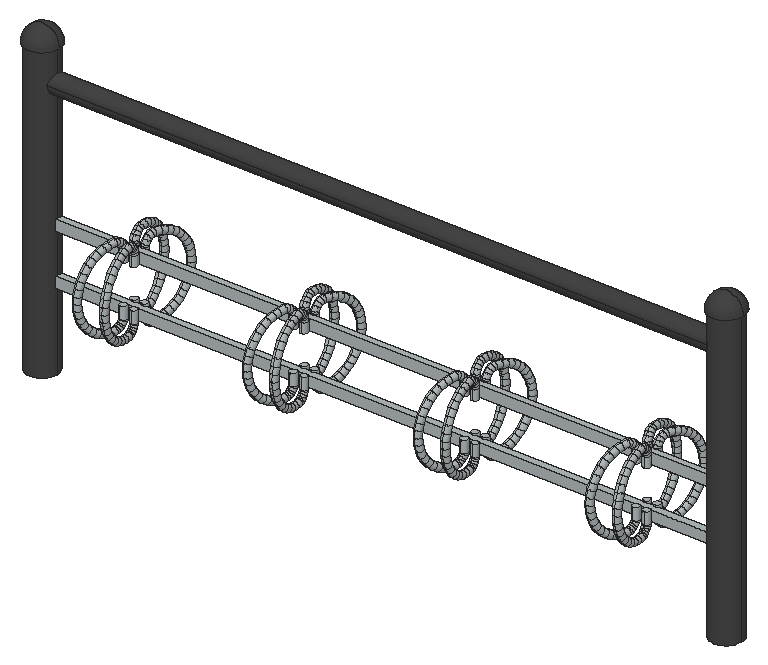
Revit family "Orion 8 Places", category Furniture, Revit 2020 (continued)
Lines and regions (mm)
  sketch lines
    curve 437: line (731.988, 899.602, 237.002) -> (729.888, 911.515, 251.606)
    curve 438: line (734.375, 886.067, 225.093) -> (731.988, 899.602, 237.002)
    curve 439: line (737.103, 870.593, 215.728) -> (734.375, 886.067, 225.093)
    curve 440: line (739.894, 854.763, 208.808) -> (737.103, 870.593, 215.728)
    curve 441: line (742.575, 839.56, 205.478) -> (739.894, 854.763, 208.808)
    curve 442: line (745.75, 821.554, 202.9) -> (742.575, 839.56, 205.478)
    curve 443: line (747.132, 813.715, 203.915) -> (745.75, 821.554, 202.9)
    curve 444: line (748.811, 804.194, 209.633) -> (747.132, 813.715, 203.915)
    curve 445: line (749.782, 798.69, 215.222) -> (748.811, 804.194, 209.633)
    curve 446: line (750.433, 794.998, 222.922) -> (749.782, 798.69, 215.222)
    curve 447: line (750.698, 793.493, 230.909) -> (750.433, 794.998, 222.922)
    curve 448: line (750.698, 793.493, 261.021) -> (750.698, 793.493, 230.909)
    curve 449: line (1280.277, 793.524, 410.845) -> (1280.277, 793.524, 378.082)
    curve 450: line (1280.385, 794.137, 415.205) -> (1280.277, 793.524, 410.845)
    curve 451: line (1281.233, 798.942, 423.756) -> (1280.385, 794.137, 415.205)
    curve 452: line (1282.209, 804.478, 430.172) -> (1281.233, 798.942, 423.756)
    curve 453: line (1283.577, 812.24, 434.514) -> (1282.209, 804.478, 430.172)
    curve 454: line (1284.823, 819.306, 435.931) -> (1283.577, 812.24, 434.514)
    curve 455: line (1288.02, 837.436, 434.54) -> (1284.823, 819.306, 435.931)
    curve 456: line (1290.995, 854.308, 430.468) -> (1288.02, 837.436, 434.54)
    curve 457: line (1293.902, 870.794, 423.251) -> (1290.995, 854.308, 430.468)
    curve 458: line (1296.593, 886.053, 413.907) -> (1293.902, 870.794, 423.251)
    curve 459: line (1299.02, 899.819, 402.232) -> (1296.593, 886.053, 413.907)
    curve 460: line (1301.005, 911.076, 388.472) -> (1299.02, 899.819, 402.232)
    curve 461: line (1302.722, 920.815, 372.609) -> (1301.005, 911.076, 388.472)
    curve 462: line (1303.849, 927.206, 355.761) -> (1302.722, 920.815, 372.609)
    curve 463: line (1304.577, 931.337, 337.704) -> (1303.849, 927.206, 355.761)
    curve 464: line (1304.842, 932.838, 319.522) -> (1304.577, 931.337, 337.704)
    curve 465: line (1304.625, 931.608, 301.438) -> (1304.842, 932.838, 319.522)
    curve 466: line (1303.846, 927.189, 283.876) -> (1304.625, 931.608, 301.438)
    curve 467: line (1302.69, 920.632, 267.67) -> (1303.846, 927.189, 283.876)
    curve 468: line (1301.043, 911.294, 252.16) -> (1302.69, 920.632, 267.67)
    curve 469: line (1298.943, 899.381, 237.556) -> (1301.043, 911.294, 252.16)
    curve 470: line (1296.556, 885.846, 225.647) -> (1298.943, 899.381, 237.556)
    curve 471: line (1293.828, 870.372, 216.282) -> (1296.556, 885.846, 225.647)
    curve 472: line (1291.036, 854.542, 209.362) -> (1293.828, 870.372, 216.282)
    curve 473: line (1288.356, 839.339, 206.032) -> (1291.036, 854.542, 209.362)
    curve 474: line (1285.181, 821.332, 203.454) -> (1288.356, 839.339, 206.032)
    curve 475: line (1283.798, 813.494, 204.469) -> (1285.181, 821.332, 203.454)
    curve 476: line (1282.12, 803.973, 210.187) -> (1283.798, 813.494, 204.469)
    curve 477: line (1281.149, 798.469, 215.776) -> (1282.12, 803.973, 210.187)
    curve 478: line (1280.498, 794.777, 223.476) -> (1281.149, 798.469, 215.776)
    curve 479: line (1280.233, 793.272, 231.463) -> (1280.498, 794.777, 223.476)
    curve 480: line (1280.233, 793.272, 261.575) -> (1280.233, 793.272, 231.463)
    curve 481: line (1249.82, 793.745, 410.291) -> (1249.82, 793.745, 377.528)
    curve 482: line (1249.712, 794.359, 414.651) -> (1249.82, 793.745, 410.291)
    curve 483: line (1248.865, 799.164, 423.202) -> (1249.712, 794.359, 414.651)
    curve 484: line (1247.889, 804.699, 429.618) -> (1248.865, 799.164, 423.202)
    curve 485: line (1246.52, 812.461, 433.96) -> (1247.889, 804.699, 429.618)
    curve 486: line (1245.274, 819.527, 435.377) -> (1246.52, 812.461, 433.96)
    curve 487: line (1242.077, 837.657, 433.986) -> (1245.274, 819.527, 435.377)
    curve 488: line (1239.102, 854.529, 429.914) -> (1242.077, 837.657, 433.986)
    curve 489: line (1236.196, 871.015, 422.697) -> (1239.102, 854.529, 429.914)
    curve 490: line (1233.505, 886.274, 413.353) -> (1236.196, 871.015, 422.697)
    curve 491: line (1231.078, 900.04, 401.678) -> (1233.505, 886.274, 413.353)
    curve 492: line (1229.093, 911.297, 387.918) -> (1231.078, 900.04, 401.678)
    curve 493: line (1227.375, 921.036, 372.055) -> (1229.093, 911.297, 387.918)
    curve 494: line (1226.249, 927.427, 355.207) -> (1227.375, 921.036, 372.055)
    curve 495: line (1225.52, 931.558, 337.15) -> (1226.249, 927.427, 355.207)
    curve 496: line (1225.255, 933.059, 318.968) -> (1225.52, 931.558, 337.15)
    curve 497: line (1225.472, 931.829, 300.884) -> (1225.255, 933.059, 318.968)
    curve 498: line (1226.251, 927.411, 283.322) -> (1225.472, 931.829, 300.884)
    curve 499: line (1227.408, 920.853, 267.116) -> (1226.251, 927.411, 283.322)
    curve 500: line (1229.054, 911.515, 251.606) -> (1227.408, 920.853, 267.116)
    curve 501: line (1231.155, 899.602, 237.002) -> (1229.054, 911.515, 251.606)
    curve 502: line (1233.541, 886.067, 225.093) -> (1231.155, 899.602, 237.002)
    curve 503: line (1236.27, 870.593, 215.728) -> (1233.541, 886.067, 225.093)
    curve 504: line (1239.061, 854.763, 208.808) -> (1236.27, 870.593, 215.728)
    curve 505: line (1241.742, 839.56, 205.478) -> (1239.061, 854.763, 208.808)
    curve 506: line (1244.917, 821.554, 202.9) -> (1241.742, 839.56, 205.478)
    curve 507: line (1246.299, 813.715, 203.915) -> (1244.917, 821.554, 202.9)
    curve 508: line (1247.978, 804.194, 209.633) -> (1246.299, 813.715, 203.915)
    curve 509: line (1248.948, 798.69, 215.222) -> (1247.978, 804.194, 209.633)
    curve 510: line (1249.599, 794.998, 222.922) -> (1248.948, 798.69, 215.222)
    curve 511: line (1249.865, 793.493, 230.909) -> (1249.599, 794.998, 222.922)
    curve 512: line (1249.865, 793.493, 261.021) -> (1249.865, 793.493, 230.909)
Dimensions and locks
  aligned and locked: level to plane 2
